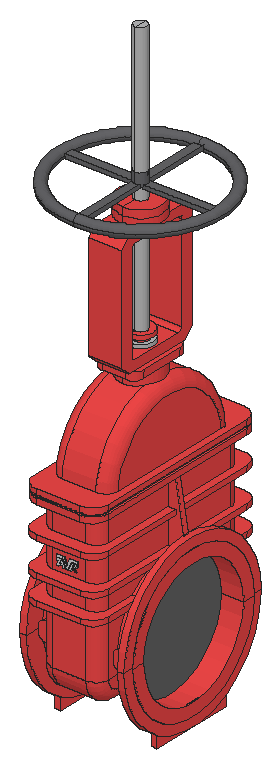
Revit family "55-26-004 DN450-600", category Pipe Accessories, Revit 2022
Family settings
  Round Connector Dimension = Use Diameter
  Part Type = Valve - Breaks Into
  Work Plane-Based = No
  Always vertical = Yes
  Cut with Voids When Loaded = No
  Shared = No
Parameters (values of type "DN600_PN16")
  yoke_T1 = Yoke_T * 2.5  # 100 mm
  yoke3 = Yoke2 * 0.8  # 168 mm
  yoke1 = Yoke * 1.5  # 150 mm
  stem3 = stem1 * 2.5  # 62.5 mm
  stem2 = stem1 * 1.5  # 37.5 mm
  stem1 = F2 * 0.5  # 25 mm
  logo_H = Body_H * 0.5  # 335 mm
  Yoke_T = size_lookup(Search_table, "Yoke_T", 0 mm, DN)  # 40 mm
  Yoke_R = Yoke_T / 2  # 20 mm
  Yoke2 = yoke1 * 1.4  # 210 mm
  Yoke = size_lookup(Search_table, "Yoke", 0 mm, DN) / 2  # 100 mm
  T = FL_T * 0.9  # 32.4 mm
  Stem4 = F2 * 0.5  # 25 mm
  Hub_dim1 = Actuator_FL_D * 1.5  # 157.5 mm
  Handwheel_dia = FL_T * 0.7  # 25.2 mm
  Handwheel_H = H * 0.97  # 1839.12 mm
  H1 = H * 0.9  # 1706.4 mm
  H open = size_lookup(Search_table, "H open", 0 mm, DN)  # 2926 mm
  H closed = size_lookup(Search_table, "H closed", 0 mm, DN)  # 2303 mm
  F2_Height = F2 * 2.3  # 115 mm
  DN600_PN16 = "55-600-26-01620001"
  D11 = D1 * 1.1  # 33 mm
  D1 = size_lookup(Search_table, "D1", 0 mm, DN) / 2  # 30 mm
  D = size_lookup(Search_table, "D", 0 mm, DN) / 2  # 400 mm
  Bonnet_H1 = size_lookup(Search_table, "Bonnet_H1", 0 mm, DN)  # 450 mm
  Body_rib_W = OD + 2 mm  # 410 mm
  Body_H1 = OD * 0.2  # 81.6 mm
  Actuator_dim = Actuator_FL_D * 0.6  # 63 mm
  Actuator_T = FL_T * 2.2  # 79.2 mm
  Actuator_FL_D = size_lookup(Search_table, "Actuator_FL_D", 0 mm, DN) / 2  # 105 mm
  Wedge_L = Body_W * 0.85  # 119 mm
  W = size_lookup(Search_table, "W", 0 mm, DN) / 2  # 488.5 mm
  URL_product_pages = "https://www.avkvalves.com/P.aspx?no=554502601620001"
  Sweep _cut = Body_FL_T / 6  # 5.833 mm
  Stem = F2 / 2.5  # 20 mm
  Search_table = "55-26-004 DN450-600"
  Rib_T = FL_T - Raised_dis  # 31 mm
  Rib5_W = size_lookup(Search_table, "Rib5_W", 0 mm, DN)  # 400 mm
  Rib5_L = size_lookup(Search_table, "Rib5_L", 0 mm, DN)  # 300 mm
  Rib5_H = size_lookup(Search_table, "Rib5_H", 0 mm, DN)  # 320 mm
  Rib4_W = size_lookup(Search_table, "Rib4_W", 0 mm, DN)  # 360 mm
  Rib4_L = size_lookup(Search_table, "Rib4_L", 0 mm, DN)  # 720 mm
  Rib4_H = size_lookup(Search_table, "Rib4_H", 0 mm, DN)  # 35 mm
  Rib3_W = size_lookup(Search_table, "Rib3_W", 0 mm, DN)  # 360 mm
  Rib3_L = size_lookup(Search_table, "Rib3_L", 0 mm, DN)  # 720 mm
  Rib3_H = size_lookup(Search_table, "Rib3_H", 0 mm, DN)  # 210 mm
  Rib2_W = size_lookup(Search_table, "Rib2_W", 0 mm, DN)  # 360 mm
  Rib2_L = size_lookup(Search_table, "Rib2_L", 0 mm, DN)  # 720 mm
  Rib2_H = size_lookup(Search_table, "Rib2_H", 0 mm, DN)  # 330 mm
  Rib1_W = size_lookup(Search_table, "Rib1_W", 0 mm, DN)  # 360 mm
  Rib1_T = size_lookup(Search_table, "Rib1_T", 0 mm, DN) / 2  # 12.5 mm
  Rib1_R = size_lookup(Search_table, "Rib1_R", 0 mm, DN)  # 75 mm
  Rib1_L = size_lookup(Search_table, "Rib1_L", 0 mm, DN)  # 720 mm
  Rib1_H = size_lookup(Search_table, "Rib1_H", 0 mm, DN)  # 495 mm
  Raised_dis = size_lookup(Search_table, "Raised_dis", 0 mm, DN)  # 5 mm
  Raised_R = size_lookup(Search_table, "Raised_R", 0 mm, DN)  # 360 mm
  RIB_T = Raised_dis * 2  # 10 mm
  RIB_L1 = W * 0.65  # 317.525 mm
  RIB_L = W - 1 mm  # 487.5 mm
  OD = size_lookup(Search_table, "OD", 0 mm, DN)  # 408 mm
  L = size_lookup(Search_table, "L", 0 mm, DN)  # 508 mm
  Height1 = H * 0.55  # 1042.8 mm
  H3 = size_lookup(Search_table, "H3", 0 mm, DN)  # 1736 mm
  H = size_lookup(Search_table, "H", 0 mm, DN)  # 1896 mm
  FL_T = size_lookup(Search_table, "FL_T", 0 mm, DN)  # 36 mm
  FL_R = size_lookup(Search_table, "FL_R", 0 mm, DN)  # 430 mm
  F2 = size_lookup(Search_table, "F2", 0 mm, DN)  # 50 mm
  F1 = size_lookup(Search_table, "F1", 0 mm, DN) / 2  # 18.5 mm
  F = size_lookup(Search_table, "F", 0 mm, DN) / 2  # 16 mm
  Ds = size_lookup(Search_table, "Ds", 0 mm, DN)  # 35 mm
  Dh = size_lookup(Search_table, "Dh", 0 mm, DN)  # 700 mm
  Description_ = "AVK GATE VALVE, FLANGED, UL/FM, ANSI CLASS 150, OS&Y, PN16"
  Default Elevation = 0 mm
  DN500_PN16 = "55-500-26-01620001"
  DN450_PN16 = "55-450-26-01620001"
  DN = 600 mm
  Bypass_W = size_lookup(Search_table, "Bypass_W", 0 mm, DN)  # 179 mm
  Bypass_R = size_lookup(Search_table, "Bypass_R", 0 mm, DN)  # 45 mm
  Bypass_L = Body_L * 0.8  # 338.8 mm
  Bore_R = size_lookup(Search_table, "Bore_R", 0 mm, DN)  # 300 mm
  Bonnet_dim3 = F1 * 2.5  # 46.25 mm
  Bonnet_dim2 = Body_FL_W * 0.7  # 124.74 mm
  Bonnet_dim1 = F1 * 4.2  # 77.7 mm
  Bonnet_d2 = size_lookup(Search_table, "Bonnet_d2", 0 mm, DN) / 2  # 75 mm
  Bonnet_d1 = size_lookup(Search_table, "Bonnet_d1", 0 mm, DN) / 2  # 107.5 mm
  Bonnet_L = size_lookup(Search_table, "Bonnet_L", 0 mm, DN)  # 370 mm
  Body_rib_L = OD * 0.5  # 204 mm
  Body_bottom = Body_L - 30 mm  # 393.5 mm
  Body_W = size_lookup(Search_table, "Body_W", 0 mm, DN)  # 140 mm
  Body_T = size_lookup(Search_table, "Body_T", 0 mm, DN)  # 17 mm
  Body_R = size_lookup(Search_table, "Body_R", 0 mm, DN)  # 60 mm
  Body_L = size_lookup(Search_table, "Body_L", 0 mm, DN)  # 423.5 mm
  Body_H = size_lookup(Search_table, "Body_H", 0 mm, DN)  # 670 mm
  Body_FL_rib_dim1 = (L / 2) - FL_T  # 218 mm
  Body_FL_rib_dim = H - 30 mm  # 1866 mm
  Body_FL_arc = size_lookup(Search_table, "Body_FL_arc", 0 mm, DN)  # 1400 mm
  Body_FL_W = (Rib1_W * 0.99) / 2  # 178.2 mm
  Body_FL_T = size_lookup(Search_table, "Body_FL_T", 0 mm, DN) / 2  # 35 mm
  Body_FL_R = size_lookup(Search_table, "Body_FL_R", 0 mm, DN)  # 65 mm
  Body_FL_L = W * 0.9  # 439.65 mm
  Body_Arc = size_lookup(Search_table, "Body_Arc", 0 mm, DN)  # 1222 mm
  5 = 5 mm  # constant formula
  50 = 50 mm  # constant formula
  20 = 10 mm  # constant formula
  10 = 20 mm  # constant formula
  1 = 1 mm  # constant formula
Types (4, lengths in mm): name | yoke_T1 | yoke3 | yoke1 | logo_H | Yoke_T | Yoke_R | Yoke2 | Yoke | T | Handwheel_dia | Handwheel_H | H1 | H open | H closed | Body_rib_W | Body_H1 | Actuator_T | Wedge_L | W | Sweep _cut | Rib_T | Rib5_W | Rib5_L | Rib5_H | Rib4_W | Rib4_L | Rib4_H | Rib3_W | Rib3_L | Rib3_H | Rib2_W | Rib2_L | Rib2_H | Rib1_W | Rib1_T | Rib1_L | Rib1_H | Raised_dis | Raised_R | RIB_T | RIB_L1 | RIB_L | OD | L | Height1 | H3 | H | FL_T | FL_R | F | Ds | Dh | DN | Bypass_W | Bypass_R | Bypass_L | Bore_R | Bonnet_dim2 | Bonnet_d2 | Bonnet_d1 | Bonnet_L | Body_rib_L | Body_bottom | Body_W | Body_T | Body_R | Body_L | Body_H | Body_FL_rib_dim1 | Body_FL_rib_dim | Body_FL_arc | Body_FL_W | Body_FL_T | Body_FL_R | Body_FL_L | Body_Arc
  (no name) | 100 | 168 | 150 | 335 | 40 | 20 | 210 | 100 | 32.4 | 25.2 | 1839.12 | 1706.4 | 2926 | 2303 | 410 | 81.6 | 79.2 | 119 | 488.5 | 5.833 | 31 | 400 | 300 | 320 | 360 | 720 | 35 | 360 | 720 | 210 | 360 | 720 | 330 | 360 | 12.5 | 720 | 495 | 5 | 360 | 10 | 317.525 | 487.5 | 408 | 508 | 1042.8 | 1736 | 1896 | 36 | 430 | 16 | 35 | 700 | 600 | 179 | 45 | 338.8 | 300 | 124.74 | 75 | 107.5 | 370 | 204 | 393.5 | 140 | 17 | 60 | 423.5 | 670 | 218 | 1866 | 1400 | 178.2 | 35 | 65 | 439.65 | 1222
  DN450_PN16 | 75 | 151.2 | 135 | 274 | 30 | 15 | 189 | 90 | 27 | 21 | 1685.86 | 1564.2 | 2535 | 2056 | 320 | 63.6 | 66 | 103.275 | 418.5 | 5 | 26 | 160 | 160 | 260 | 340 | 590 | 25 | 340 | 590 | 180 | 340 | 590 | 300 | 340 | 11 | 590 | 430 | 4 | 260 | 8 | 272.025 | 417.5 | 318 | 432 | 955.9 | 1488 | 1738 | 30 | 320 | 16 | 31 | 585 | 450 | 135 | 30 | 294.8 | 225 | 117.81 | 60 | 90 | 335 | 159 | 338.5 | 121.5 | 15 | 50 | 368.5 | 548 | 186 | 1708 | 1300 | 168.3 | 30 | 55 | 376.65 | 1200
  DN500_PN16 | 87.5 | 159.6 | 142.5 | 288 | 35 | 17.5 | 199.5 | 95 | 28.35 | 22.05 | 1711.08 | 1587.6 | 2646 | 2114 | 352 | 70 | 69.3 | 104.975 | 422.5 | 5.417 | 27.5 | 170 | 170 | 290 | 330 | 620 | 30 | 370 | 620 | 190 | 330 | 620 | 315 | 330 | 11 | 620 | 470 | 4 | 290 | 8 | 274.625 | 421.5 | 350 | 457 | 970.2 | 1546 | 1764 | 31.5 | 353 | 17.5 | 34 | 650 | 500 | 145 | 45 | 298 | 250 | 114.345 | 60 | 87.5 | 338 | 175 | 342.5 | 123.5 | 16 | 50 | 372.5 | 576 | 197 | 1734 | 1350 | 163.35 | 32.5 | 60 | 380.25 | 1200
  DN600_PN16 | 100 | 168 | 150 | 335 | 40 | 20 | 210 | 100 | 32.4 | 25.2 | 1839.12 | 1706.4 | 2926 | 2303 | 410 | 81.6 | 79.2 | 119 | 488.5 | 5.833 | 31 | 400 | 300 | 320 | 360 | 720 | 35 | 360 | 720 | 210 | 360 | 720 | 330 | 360 | 12.5 | 720 | 495 | 5 | 360 | 10 | 317.525 | 487.5 | 408 | 508 | 1042.8 | 1736 | 1896 | 36 | 430 | 16 | 35 | 700 | 600 | 179 | 45 | 338.8 | 300 | 124.74 | 75 | 107.5 | 370 | 204 | 393.5 | 140 | 17 | 60 | 423.5 | 670 | 218 | 1866 | 1400 | 178.2 | 35 | 65 | 439.65 | 1222
Reference planes
  plane 1 "Center (Front/Back)": y = 0
  plane 2: z = 0
  plane 3 "Center (Left/Right)": x = 0
  plane 4: y = 423.5
  plane 5: y = -423.5
  plane 6: x = -140
  plane 7: x = 140
  plane 8: x = -80
  plane 9: x = 80
  plane 10: y = 363.5
  plane 11: y = -363.5
  plane 12: z = 670
  plane 13: z = 635
  plane 14: x = -218
  plane 15: x = 218
  plane 16: z = 495
  plane 17 "RIB_W": y = -360
  plane 18 "RIB_L": x = -180
  plane 19 "RIB_M": x = 180
  plane 20 "RIB_N": y = 360
  plane 21: z = 330
  plane 22: z = 210
  plane 23: z = 320
  plane 24: x = -254
  plane 25: x = 254
  plane 26: x = 60
  plane 27: y = 439.65
  plane 28: y = -439.65
  plane 29: y = 18.5
  plane 30: y = -18.5
  plane 31: x = -16
  plane 32: x = 16
  plane 33: x = -18.5
  plane 34: x = 18.5
  plane 35: y = -15
  plane 36: y = 15
  plane 37: y = 105
  plane 38: y = -105
  plane 39: z = 1042.8
  plane 40: z = 1157.8
  plane 41: x = -105
  plane 42: x = -25
  plane 43: x = 105
  plane 44: x = 25
  plane 45: y = 488.5
  plane 46: y = -488.5
  plane 47: z = -410
  plane 48: z = 2516
  plane 49: z = 1078.8
  plane 50: z = 1821.8
  plane 51: z = 1706.4
  plane 52: x = -400
  plane 53: y = 400
  plane 54: x = 400
  plane 55: y = -400
  plane 56: z = 1905
  plane 57: z = 1839.12
  plane 58: z = 1742.4
  plane 59: x = -400
  plane 60: x = 400
  plane 61: y = 30
  plane 62: y = -30
  plane 63: x = -30
  plane 64: x = 30
  plane 65: z = 1896
  plane 66: z = -81.6
  plane 67: y = 300
  plane 68: y = 210
  plane 69: y = -210
  plane 70: z = 1120
  plane 71: z = 1177.8
  plane 72: z = 1197.8
Forms (mm)
  Revolve 1, solid, material "Laminate, Blue, Matte"
    sketch origin (0, 0, 0) x (1, 0, 0) y (0, 1, 0)
      loop
        line (-254, 300) -> (254, 300) -> (254, 360) -> (249, 360) -> (249, 408) -> (218, 408) -> (218, 317) -> (-218, 317) -> (-218, 408) -> (-249, 408) -> (-249, 360) -> (-254, 360) -> (-254, 300)
      axis (254, 0) -> (-254, 0)
    angle from 0 to 360
  Extrusion 2, solid, material "Laminate, Blue, Matte"
    sketch origin (0, 0, 0) x (1, 0, 0) y (0, 1, 0)
      loop
        line (-140, 363.5) -> (-140, -363.5)
        arc (-140, -363.5) -> (-122.426, -405.926) -> (-80, -423.5) r 60
        line (-80, -423.5) -> (80, -423.5)
        arc (80, -423.5) -> (122.426, -405.926) -> (140, -363.5) r 60
        line (140, -363.5) -> (140, 363.5)
        arc (140, 363.5) -> (122.426, 405.926) -> (80, 423.5) r 60
        line (80, 423.5) -> (-80, 423.5)
        arc (-80, 423.5) -> (-122.426, 405.926) -> (-140, 363.5) r 60
    from -81.6 to 670
  Extrusion 3, solid, material "Laminate, Blue, Matte"
    sketch origin (0, 1854.182, 495) x (0, 1, 0) y (-1, 0, 0)
      loop
        arc (-1365.682, 105) -> (-1387.649, 158.033) -> (-1440.682, 180) r 75
        line (-1440.682, 180) -> (-2267.682, 180)
        arc (-2267.682, 180) -> (-2320.715, 158.033) -> (-2342.682, 105) r 75
        line (-2342.682, 105) -> (-2342.682, -105)
        arc (-2342.682, -105) -> (-2320.715, -158.033) -> (-2267.682, -180) r 75
        line (-2267.682, -180) -> (-1440.682, -180)
        arc (-1440.682, -180) -> (-1387.649, -158.033) -> (-1365.682, -105) r 75
        line (-1365.682, -105) -> (-1365.682, 105)
    from 12.5 to -12.5
  Extrusion 4, solid, material "Laminate, Blue, Matte"
    sketch origin (0, 1323.169, 670) x (0, 1, 0) y (-1, 0, 0)
      loop
        arc (-834.669, 105) -> (-856.636, 158.033) -> (-909.669, 180) r 75
        line (-909.669, 180) -> (-1736.669, 180)
        arc (-1736.669, 180) -> (-1789.702, 158.033) -> (-1811.669, 105) r 75
        line (-1811.669, 105) -> (-1811.669, -105)
        arc (-1811.669, -105) -> (-1789.702, -158.033) -> (-1736.669, -180) r 75
        line (-1736.669, -180) -> (-909.669, -180)
        arc (-909.669, -180) -> (-856.636, -158.033) -> (-834.669, -105) r 75
        line (-834.669, -105) -> (-834.669, 105)
    from -352.5 to -327.5
  Extrusion 5, solid, material "Laminate, Blue, Matte"
    sketch origin (0, 1323.169, 670) x (0, 1, 0) y (-1, 0, 0)
      loop
        arc (-834.669, 105) -> (-856.636, 158.033) -> (-909.669, 180) r 75
        line (-909.669, 180) -> (-1736.669, 180)
        arc (-1736.669, 180) -> (-1789.702, 158.033) -> (-1811.669, 105) r 75
        line (-1811.669, 105) -> (-1811.669, -105)
        arc (-1811.669, -105) -> (-1789.702, -158.033) -> (-1736.669, -180) r 75
        line (-1736.669, -180) -> (-909.669, -180)
        arc (-909.669, -180) -> (-856.636, -158.033) -> (-834.669, -105) r 75
        line (-834.669, -105) -> (-834.669, 105)
    from -447.5 to -472.5
  Extrusion 6, solid, material "Laminate, Blue, Matte"
    sketch origin (0, 0, 0) x (0, 1, 0) y (0, 0, 1)
      loop
        line (204, -410) -> (204, -300) -> (-204, -300) -> (-204, -410) -> (204, -410)
    from 219 to 244
  Extrusion 7, solid, material "Laminate, Blue, Matte"
    sketch origin (0, 0, 0) x (0, 1, 0) y (0, 0, -1)
      loop
        line (204, 410) -> (-204, 410) -> (-204, 300) -> (204, 300) -> (204, 410)
    from 219 to 244
  Revolve 8, solid, material "Laminate, Blue, Matte"
    sketch origin (0, 1323.169, 670) x (0, 1, 0) y (-1, 0, 0)
      loop
        arc (-953.169, 80) -> (-970.743, 122.426) -> (-1013.169, 140) r 60
        line (-1013.169, 140) -> (-1323.169, 140) -> (-1323.169, -140) -> (-1013.169, -140)
        arc (-1013.169, -140) -> (-970.743, -122.426) -> (-953.169, -80) r 60
        line (-953.169, -80) -> (-953.169, 80)
      axis (-1323.169, -140) -> (-1323.169, 140)
    angle from -180 to 0
  Extrusion 9, void
    sketch origin (0, 0, 0) x (0, -1, 0) y (0, 0, 1)
      loop
        circle (0, 0) r 300
    from -180 to 180
  Extrusion 10, solid, material "Default Roof"
    sketch origin (0, 0, 0) x (0, 1, 0) y (0, 0, 1)
      loop
        circle (0, 0) r 300
    from -145 to 145
  Extrusion 11, solid, material "Laminate, Blue, Matte"
    sketch origin (0, 1323.169, 670) x (0, 1, 0) y (-1, 0, 0)
      loop
        arc (-834.669, 103.2) -> (-856.636, 156.233) -> (-909.669, 178.2) r 75
        line (-909.669, 178.2) -> (-1736.669, 178.2)
        arc (-1736.669, 178.2) -> (-1789.702, 156.233) -> (-1811.669, 103.2) r 75
        line (-1811.669, 103.2) -> (-1811.669, -103.2)
        arc (-1811.669, -103.2) -> (-1789.702, -156.233) -> (-1736.669, -178.2) r 75
        line (-1736.669, -178.2) -> (-909.669, -178.2)
        arc (-909.669, -178.2) -> (-856.636, -156.233) -> (-834.669, -103.2) r 75
        line (-834.669, -103.2) -> (-834.669, 103.2)
    from -32.5 to 32.5
  Sweep 12, void
    path in 3D
      loop
        line (-103.2, 488.5, 702.5) -> (103.2, 488.5, 702.5)
        arc (103.2, 488.5, 702.5) -> (156.233, 466.533, 702.5) -> (178.2, 413.5, 702.5) r 75
        line (178.2, 413.5, 702.5) -> (178.2, -413.5, 702.5)
        arc (178.2, -413.5, 702.5) -> (156.233, -466.533, 702.5) -> (103.2, -488.5, 702.5) r 75
        line (103.2, -488.5, 702.5) -> (-103.2, -488.5, 702.5)
        arc (-103.2, -488.5, 702.5) -> (-156.233, -466.533, 702.5) -> (-178.2, -413.5, 702.5) r 75
        line (-178.2, -413.5, 702.5) -> (-178.2, 413.5, 702.5)
        arc (-178.2, 413.5, 702.5) -> (-156.233, 466.533, 702.5) -> (-103.2, 488.5, 702.5) r 75
    profile origin (-178.2, 413.5, 702.5) x (1, 0, 0) y (0, 0, 1)
      loop
        circle (0, -32.5) r 5
  Extrusion 13, solid, material "Laminate, Blue, Matte"
    sketch origin (0, 0, 0) x (1, 0, 0) y (0, 0, 1)
      loop
        line (-218, 300) -> (-140, 300) -> (-140, 635) -> (-178.2, 635) -> (-218, 408) -> (-218, 300)
      loop
        line (140, 300) -> (218, 300) -> (218, 408) -> (178.2, 635) -> (140, 635) -> (140, 300)
    from -12.5 to 12.5
  Extrusion 14, solid, material "Laminate, Blue, Matte"
    sketch origin (0, 0, 0) x (1, 0, 0) y (0, 0, 1)
      loop
        circle (-179, 0) r 45
      loop
        circle (179, 0) r 45
    from 300 to 338.8
  Revolve 15, solid, material "Default Wall"
    sketch origin (0, 0, 0) x (0, 1, 0) y (0, 0, 1)
      loop
        line (0, 2516) -> (0, 1157.8) -> (30, 1157.8) -> (30, 2516) -> (0, 2516)
      axis (0, 2516) -> (0, 1157.8)
    angle from 0 to 360
  Extrusion 16, solid, material "Laminate, Blue, Matte"
    sketch origin (0, 762.036, 1078.8) x (0, 1, 0) y (-1, 0, 0)
      loop
        arc (-604.536, 55) -> (-619.18, 90.355) -> (-654.536, 105) r 50
        line (-654.536, 105) -> (-869.536, 105)
        arc (-869.536, 105) -> (-904.891, 90.355) -> (-919.536, 55) r 50
        line (-919.536, 55) -> (-919.536, -55)
        arc (-919.536, -55) -> (-904.891, -90.355) -> (-869.536, -105) r 50
        line (-869.536, -105) -> (-654.536, -105)
        arc (-654.536, -105) -> (-619.18, -90.355) -> (-604.536, -55) r 50
        line (-604.536, -55) -> (-604.536, 55)
    from 41.2 to 5.2
  Revolve 17, solid, material "Aluminum 1100-O"
    sketch origin (0, 0, 0) x (0, 1, 0) y (0, 0, 1)
      loop
        line (0, 1896) -> (-33, 1896) -> (-33, 1839.12) -> (0, 1839.12) -> (0, 1896)
      axis (0, 1896) -> (0, 1839.12)
    angle from 0 to 360
  Revolve 18, solid, material "Aluminum 1100-O"
    sketch origin (0, 0, 90.326) x (0, 1, 0) y (0, 0, 1)
      loop
        circle (-374.8, 1748.794) r 25.2
      axis (0, 1748.794) -> (0, 1747.794)
    angle from 0 to 360
  Extrusion 19, solid, material "Laminate, Blue, Matte"
    sketch origin (0, 0, 0) x (0, 1, 0) y (0, 0, 1)
      loop
        line (130, 1666.4) -> (-130, 1666.4)
        arc (-130, 1666.4) -> (-144.142, 1660.542) -> (-150, 1646.4) r 20
        line (-150, 1646.4) -> (-150, 1183.8)
        arc (-150, 1183.8) -> (-144.142, 1169.658) -> (-130, 1163.8) r 20
        line (-130, 1163.8) -> (130, 1163.8)
        arc (130, 1163.8) -> (144.142, 1169.658) -> (150, 1183.8) r 20
        line (150, 1183.8) -> (150, 1646.4)
        arc (150, 1646.4) -> (144.142, 1660.542) -> (130, 1666.4) r 20
      loop
        line (210, 1160) -> (210, 1666.4) -> (168, 1706.4) -> (-168, 1706.4) -> (-210, 1666.4) -> (-210, 1160) -> (-168, 1120) -> (168, 1120) -> (210, 1160)
    from -79.2 to 79.2
  Extrusion 20, solid, material "Aluminum 1100-O"
    sketch origin (0, 989.392, 1901) x (0, 1, 0) y (-1, 0, 0)
      loop
        line (-969.392, 364) -> (-1009.392, 364) -> (-1009.392, 20) -> (-1353.392, 20) -> (-1353.392, -20) -> (-1009.392, -20) -> (-1009.392, -364) -> (-969.392, -364) -> (-969.392, -20) -> (-625.392, -20) -> (-625.392, 20) -> (-969.392, 20) -> (-969.392, 364)
    from -71.88 to -51.88
  Revolve 21, solid, material "Laminate, Blue, Matte"
    sketch origin (0, 0, 0) x (0, 1, 0) y (0, 0, 1)
      loop
        line (-105, 1742.4) -> (-105, 1706.4) -> (0, 1706.4) -> (0, 1742.4) -> (-105, 1742.4)
      axis (0, 1742.4) -> (0, 1706.4)
    angle from 0 to 360
  Revolve 22, solid, material "Laminate, Blue, Matte"
    sketch origin (0, 0, 0) x (0, 1, 0) y (0, 0, 1)
      loop
        line (-105, 1778.4) -> (-105, 1742.4) -> (0, 1742.4) -> (0, 1778.4) -> (-105, 1778.4)
      axis (0, 1778.4) -> (0, 1742.4)
    angle from 0 to 360
  Revolve 23, solid, material "Laminate, Blue, Matte"
    sketch origin (-639.965, -1524, -81.6) x (-1, 0, 0) y (0, -1, 0)
      loop
        arc (-559.965, -1947.5) -> (-517.539, -1929.926) -> (-499.965, -1887.5) r 60
        line (-499.965, -1887.5) -> (-499.965, -1824) -> (-779.965, -1824) -> (-779.965, -1887.5)
        arc (-779.965, -1887.5) -> (-762.392, -1929.926) -> (-719.965, -1947.5) r 60
        line (-719.965, -1947.5) -> (-559.965, -1947.5)
      axis (-499.965, -1824) -> (-779.965, -1824)
    angle from 0 to 360
  Revolve 24, solid, material "Laminate, Blue, Matte"
    sketch origin (-639.965, -1524, -81.6) x (-1, 0, 0) y (0, -1, 0)
      loop
        arc (-499.965, -1160.5) -> (-517.539, -1118.074) -> (-559.965, -1100.5) r 60
        line (-559.965, -1100.5) -> (-719.965, -1100.5)
        arc (-719.965, -1100.5) -> (-762.392, -1118.074) -> (-779.965, -1160.5) r 60
        line (-779.965, -1160.5) -> (-779.965, -1224) -> (-499.965, -1224) -> (-499.965, -1160.5)
      axis (-499.965, -1224) -> (-779.965, -1224)
    angle from 0 to 360
  Revolve 25, solid, material "Laminate, Blue, Matte"
    sketch origin (0, 0, 0) x (0, 1, 0) y (0, 0, 1)
      loop
        line (0, 1084) -> (-105, 1084) -> (-105, 670) -> (0, 670) -> (0, 1084)
      axis (0, 670) -> (0, 1084)
    angle from 360 to 0
  Revolve 26, solid, material "Laminate, Blue, Matte"
    sketch origin (0, 0, 0) x (0, 1, 0) y (0, 0, 1)
      loop
        line (0, 1217.8) -> (-62.5, 1217.8) -> (-62.5, 1197.8) -> (-37.5, 1197.8) -> (-37.5, 1137.8) -> (0, 1137.8) -> (0, 1217.8)
      axis (0, 1217.8) -> (0, 1137.8)
    angle from 360 to 0
  Revolve 27, solid, material "Default Wall"
    sketch origin (0, 0, 0) x (0, 1, 0) y (0, 0, 1)
      loop
        line (-62.5, 1177.8) -> (-62.5, 1157.8) -> (0, 1157.8) -> (0, 1177.8) -> (-62.5, 1177.8)
      axis (0, 1177.8) -> (0, 1157.8)
    angle from 360 to 0
Cuts and joins
  Extrusion 9 cuts Revolve 1
  Extrusion 9 cuts Extrusion 2
  Extrusion 9 cuts Extrusion 5
  Sweep 12 cuts Extrusion 11
Lines and regions (mm)
  sketch lines
    curve 1: arc (-178.2, 413.5, 702.5) -> (-156.233, 466.533, 702.5) -> (-103.2, 488.5, 702.5) r 75
    curve 2: line (103.2, 488.5, 702.5) -> (-103.2, 488.5, 702.5)
    curve 3: arc (103.2, 488.5, 702.5) -> (156.233, 466.533, 702.5) -> (178.2, 413.5, 702.5) r 75
    curve 4: line (178.2, -413.5, 702.5) -> (178.2, 413.5, 702.5)
    curve 5: arc (178.2, -413.5, 702.5) -> (156.233, -466.533, 702.5) -> (103.2, -488.5, 702.5) r 75
    curve 6: line (-103.2, -488.5, 702.5) -> (103.2, -488.5, 702.5)
    curve 7: arc (-103.2, -488.5, 702.5) -> (-156.233, -466.533, 702.5) -> (-178.2, -413.5, 702.5) r 75
    curve 8: line (-178.2, 413.5, 702.5) -> (-178.2, -413.5, 702.5)
Dimensions and locks
  equal spacing: Revolve 1 sketch curve, plane 3 "Center (Left/Right)", Revolve 1 sketch curve  (x3)
  "Bore_R": plane 1 "Center (Front/Back)" to Revolve 1 sketch curve
  "OD": plane 1 "Center (Front/Back)" to Revolve 1 sketch curve
  "Raised_R": plane 1 "Center (Front/Back)" to Revolve 1 sketch curve
  "Raised_dis": Revolve 1 sketch curve to Revolve 1 sketch curve
  "FL_T": Revolve 1 sketch curve to Revolve 1 sketch curve
  "L": Revolve 1 sketch curve to Revolve 1 sketch curve
  "Body_T": Revolve 1 sketch curve to Revolve 1 sketch curve
  equal spacing: plane 4, plane 1 "Center (Front/Back)", plane 5
  "Body_L": plane 4 to plane 1 "Center (Front/Back)"
  "Body_W": plane 6 to plane 3 "Center (Left/Right)"
  equal spacing: plane 8, plane 3 "Center (Left/Right)", plane 9
  equal spacing: plane 10, plane 1 "Center (Front/Back)", plane 11
  "Body_R": plane 6 to plane 8
  "Body_R": plane 4 to plane 10
  "Body_H": plane 12 to plane 2
  equal spacing: plane 6, plane 3 "Center (Left/Right)", plane 7
  "Body_FL_T": plane 12 to plane 13
  equal spacing: plane 15, plane 3 "Center (Left/Right)", plane 14
  "Body_FL_rib_dim1": plane 3 "Center (Left/Right)" to plane 14
  "Rib1_H": plane 16 to plane 2
  equal spacing: plane 18 "RIB_L", plane 3 "Center (Left/Right)", plane 19 "RIB_M"
  equal spacing: plane 17 "RIB_W", plane 1 "Center (Front/Back)", plane 20 "RIB_N"
  "Rib1_L": plane 17 "RIB_W" to plane 20 "RIB_N"
  "Rib1_W": plane 18 "RIB_L" to plane 19 "RIB_M"
  "Rib1_T": Extrusion 3 to plane 16
  "Rib1_T": plane 16 to Extrusion 3
  "Rib3_H": plane 22 to level
  "Rib2_H": plane 21 to level
  equal spacing: Extrusion 3 sketch curve, plane 3 "Center (Left/Right)", Extrusion 3 sketch curve
  equal spacing: Extrusion 3 sketch curve, plane 1 "Center (Front/Back)", Extrusion 3 sketch curve
  "Rib1_W": Extrusion 3 sketch curve to Extrusion 3 sketch curve
  equal spacing: Extrusion 4 sketch curve, plane 3 "Center (Left/Right)", Extrusion 4 sketch curve
  equal spacing: Extrusion 4 sketch curve, plane 1 "Center (Front/Back)", Extrusion 4 sketch curve
  "Rib1_W": Extrusion 4 sketch curve to Extrusion 4 sketch curve
  "Rib1_T": Extrusion 4 to plane 21
  "Rib1_T": plane 21 to Extrusion 4
  equal spacing: Extrusion 5 sketch curve, plane 3 "Center (Left/Right)", Extrusion 5 sketch curve
  equal spacing: Extrusion 5 sketch curve, plane 1 "Center (Front/Back)", Extrusion 5 sketch curve
  "Rib1_W": Extrusion 5 sketch curve to Extrusion 5 sketch curve
  "Rib1_T": Extrusion 5 to plane 22
  "Rib1_T": plane 22 to Extrusion 5
  "Rib5_H": plane 23 to level
  equal spacing: plane 25, plane 3 "Center (Left/Right)", plane 24
  "L": plane 25 to plane 24
  plane 26 to plane 3 "Center (Left/Right)" = 60 mm
  plane 3 "Center (Left/Right)" to plane 6 = 140 mm
  equal spacing: plane 27, plane 1 "Center (Front/Back)", plane 28
  "Body_FL_L": plane 27 to plane 1 "Center (Front/Back)"
  plane 27 to plane 28 = 879.3 mm
  equal spacing: Extrusion 6 sketch curve, plane 1 "Center (Front/Back)", Extrusion 6 sketch curve
  "Body_rib_L": Extrusion 6 sketch curve to plane 1 "Center (Front/Back)"
  "RIB_T": Extrusion 6 to plane 25
  "RIB_T": Extrusion 7 to plane 24
  equal spacing: Extrusion 7 sketch curve, plane 1 "Center (Front/Back)", Extrusion 7 sketch curve
  "Body_rib_L": Extrusion 7 sketch curve to plane 1 "Center (Front/Back)"
  "Bore_R": level to Extrusion 7 sketch curve
  "Bore_R": level to Extrusion 6 sketch curve
  equal spacing: Extrusion 6, plane 3 "Center (Left/Right)", Extrusion 7
  "1": plane 14 to Extrusion 7
  equal spacing: plane 29, plane 1 "Center (Front/Back)", plane 30
  "F1": plane 29 to plane 1 "Center (Front/Back)"
  equal spacing: Revolve 8 sketch curve, plane 3 "Center (Left/Right)", Revolve 8 sketch curve
  "Body_W": Revolve 8 sketch curve to plane 3 "Center (Left/Right)"
  "Bonnet_L": plane 1 "Center (Front/Back)" to Revolve 8 sketch curve
  equal spacing: plane 32, plane 3 "Center (Left/Right)", plane 31
  "F": plane 3 "Center (Left/Right)" to plane 31
  plane 31 to plane 32 = 32 mm
  equal spacing: Extrusion 9 sketch curve, level, Extrusion 9 sketch curve
  equal spacing: Extrusion 9 sketch curve, plane 1 "Center (Front/Back)", Extrusion 9 sketch curve
  equal spacing: Extrusion 10 sketch curve, level, Extrusion 10 sketch curve
  equal spacing: Extrusion 10 sketch curve, plane 1 "Center (Front/Back)", Extrusion 10 sketch curve
  Extrusion 10 to plane 3 "Center (Left/Right)" to Extrusion 10 = 145 mm, 145 mm
  plane 32 to plane 31 = 32 mm
  equal spacing: plane 34, plane 3 "Center (Left/Right)", plane 33
  "F1": plane 3 "Center (Left/Right)" to plane 33
  plane 34 to plane 33 = 37 mm
  "W": plane 1 "Center (Front/Back)" to Extrusion 3 sketch curve
  "W": plane 1 "Center (Front/Back)" to Extrusion 4 sketch curve
  "W": plane 1 "Center (Front/Back)" to Extrusion 5 sketch curve
  equal spacing: Extrusion 11 sketch curve, plane 3 "Center (Left/Right)", Extrusion 11 sketch curve
  equal spacing: Extrusion 11 sketch curve, plane 1 "Center (Front/Back)", Extrusion 11 sketch curve
  "W": plane 1 "Center (Front/Back)" to Extrusion 11 sketch curve
  "Body_FL_W": Extrusion 11 sketch curve to plane 3 "Center (Left/Right)"
  Extrusion 11 to plane 12 to Extrusion 11 = 32.5 mm, 32.5 mm
  Extrusion 11 to plane 12 = 32.5 mm
  equal spacing: Sweep 12 sketch curve, plane 12, Sweep 12 sketch curve
  "Body_FL_W": plane 3 "Center (Left/Right)" to Sweep 12 sketch curve
  equal spacing: Extrusion 13 sketch curve, plane 3 "Center (Left/Right)", Extrusion 13 sketch curve  (x3)
  "Body_FL_W": plane 3 "Center (Left/Right)" to Extrusion 13 sketch curve
  "Bore_R": Extrusion 13 sketch curve to level  (x2)
  "OD": Extrusion 13 sketch curve to level  (x2)
  equal spacing: Extrusion 13, plane 1 "Center (Front/Back)", Extrusion 13
  "Rib1_T": Extrusion 13 to plane 1 "Center (Front/Back)"
  equal spacing: Extrusion 14 sketch curve, plane 3 "Center (Left/Right)", Extrusion 14 sketch curve
  equal spacing: Extrusion 14 sketch curve, level, Extrusion 14 sketch curve  (x2)
  "Bypass_W": plane 3 "Center (Left/Right)" to Extrusion 14 sketch curve
  "Bore_R": Extrusion 14 to plane 1 "Center (Front/Back)"
  "Bypass_L": Extrusion 14 to plane 1 "Center (Front/Back)"
  equal spacing: plane 35, plane 1 "Center (Front/Back)", plane 36
  equal spacing: plane 37, plane 1 "Center (Front/Back)", plane 38
  "Actuator_FL_D": plane 1 "Center (Front/Back)" to plane 38
  plane 37 to plane 38 = 210 mm
  "Height1": plane 39 to level
  equal spacing: plane 44, plane 3 "Center (Left/Right)", plane 42
  equal spacing: plane 43, plane 3 "Center (Left/Right)", plane 41
  "Actuator_FL_D": plane 3 "Center (Left/Right)" to plane 41
  "F2": plane 44 to plane 42
  plane 43 to plane 41 = 210 mm
  equal spacing: plane 45, plane 1 "Center (Front/Back)", plane 46
  plane 45 to plane 46 = 977 mm
  "W": plane 45 to plane 1 "Center (Front/Back)"
  "Body_rib_W": level to plane 47
  "F2_Height": plane 40 to plane 39
  "H open": plane 48 to plane 47
  "FL_T": plane 49 to plane 39
  equal spacing: Extrusion 16 sketch curve, plane 3 "Center (Left/Right)", Extrusion 16 sketch curve
  equal spacing: Extrusion 16 sketch curve, plane 1 "Center (Front/Back)", Extrusion 16 sketch curve
  "Hub_dim1": plane 1 "Center (Front/Back)" to Extrusion 16 sketch curve
  "Actuator_FL_D": Extrusion 16 sketch curve to plane 3 "Center (Left/Right)"
  "D11": plane 1 "Center (Front/Back)" to Revolve 17 sketch curve
  "D": plane 1 "Center (Front/Back)" to Revolve 18 sketch curve
  "H1": plane 51 to level
  equal spacing: Extrusion 19, plane 3 "Center (Left/Right)", Extrusion 19
  "Actuator_T": Extrusion 19 to plane 3 "Center (Left/Right)"
  equal spacing: Extrusion 20 sketch curve, plane 3 "Center (Left/Right)", Extrusion 20 sketch curve  (x2)
  equal spacing: Extrusion 20 sketch curve, plane 1 "Center (Front/Back)", Extrusion 20 sketch curve  (x3)
  plane 1 "Center (Front/Back)" to Extrusion 20 sketch curve = 20 mm
  "10": plane 1 "Center (Front/Back)" to Extrusion 20 sketch curve
  "10": plane 3 "Center (Left/Right)" to Extrusion 20 sketch curve
  plane 3 "Center (Left/Right)" to Extrusion 20 sketch curve = 20 mm
  equal spacing: Extrusion 20, plane 3 "Center (Left/Right)", Extrusion 20
  Extrusion 20 sketch curve to plane 3 "Center (Left/Right)" = 364 mm
  plane 1 "Center (Front/Back)" to Extrusion 20 sketch curve = 364 mm
  equal spacing: plane 52, plane 3 "Center (Left/Right)", plane 54
  equal spacing: plane 55, plane 1 "Center (Front/Back)", plane 53
  "D": plane 52 to plane 3 "Center (Left/Right)"
  "D": plane 55 to plane 1 "Center (Front/Back)"
  "FL_T": plane 52 to Extrusion 20 sketch curve
  "10": Extrusion 20 sketch curve to plane 3 "Center (Left/Right)"
  "FL_T": plane 53 to Extrusion 20 sketch curve
  "FL_T": Revolve 21 sketch curve to plane 51
  "Actuator_FL_D": plane 1 "Center (Front/Back)" to Revolve 21 sketch curve
  "20": plane 57 to Extrusion 20
  "FL_T": Revolve 22 to plane 51
  "FL_T": Revolve 22 sketch curve to plane 51
  "Actuator_FL_D": plane 1 "Center (Front/Back)" to Revolve 22 sketch curve
  "FL_T": plane 58 to plane 51
  "FL_T": Revolve 22 to plane 58
  equal spacing: plane 60, plane 3 "Center (Left/Right)", plane 59
  "D": plane 3 "Center (Left/Right)" to plane 59
  plane 60 to plane 59 = 800 mm
  equal spacing: plane 61, plane 1 "Center (Front/Back)", plane 62
  "D1": plane 61 to plane 1 "Center (Front/Back)"
  plane 61 to plane 62 = 60 mm
  equal spacing: plane 64, plane 3 "Center (Left/Right)", plane 63
  plane 64 to plane 63 = 60 mm
  "D1": plane 3 "Center (Left/Right)" to plane 63
  plane 48 to plane 47 = 2926 mm
  "H": Revolve 17 sketch curve to plane 2
  "H": plane 65 to level
  plane 65 to level = 1896 mm
  "Handwheel_H": Revolve 18 sketch curve to plane 2
  "Handwheel_H": plane 57 to level
  "20": Extrusion 20 to plane 57
  "Body_H1": level to plane 66
  "Bore_R": plane 1 "Center (Front/Back)" to plane 67
  "5": plane 6 to Extrusion 10
  equal spacing: Extrusion 10, plane 3 "Center (Left/Right)", Extrusion 10
  "Bore_R": Revolve 24 sketch curve to plane 1 "Center (Front/Back)"  (x2)
  "Yoke2": plane 68 to plane 1 "Center (Front/Back)"
  "Yoke_T": plane 51 to Extrusion 19 sketch curve  (x3)
  equal spacing: Extrusion 19 sketch curve, plane 1 "Center (Front/Back)", Extrusion 19 sketch curve  (x5)
  "Yoke2": Extrusion 19 sketch curve to plane 1 "Center (Front/Back)"  (x2)
  "yoke3": Extrusion 19 sketch curve to plane 1 "Center (Front/Back)"  (x2)
  "Actuator_FL_D": plane 1 "Center (Front/Back)" to Revolve 25 sketch curve
  "Bonnet_H1": plane 70 to plane 12
  "yoke1": Extrusion 19 sketch curve to plane 1 "Center (Front/Back)"
  "Yoke_T": Extrusion 19 sketch curve to plane 70  (x2)
  "FL_T": plane 70 to Extrusion 16
  "FL_T": plane 70 to Revolve 25 sketch curve
  "10": plane 40 to Revolve 26
  "10": plane 71 to plane 40
  "10": Revolve 26 sketch curve to plane 71
  "stem3": plane 1 "Center (Front/Back)" to Revolve 27 sketch curve
  "stem2": plane 1 "Center (Front/Back)" to Revolve 26 sketch curve
  "stem3": plane 1 "Center (Front/Back)" to Revolve 26 sketch curve
  "10": plane 72 to plane 71
  "10": Revolve 26 sketch curve to plane 72
  "D1": Revolve 15 sketch curve to plane 1 "Center (Front/Back)"
  "Rib1_R": radius of Extrusion 3 sketch curve  (x4)
  "Rib1_R": radius of Extrusion 4 sketch curve  (x4)
  "Rib1_R": radius of Extrusion 5 sketch curve  (x4)
  "Body_R": radius of Revolve 8 sketch curve  (x2)
  "Bore_R": radius of Extrusion 9 sketch curve
  "Bore_R": radius of Extrusion 10 sketch curve
  "Rib1_R": radius of Extrusion 11 sketch curve  (x4)
  "5": radius of Sweep 12 sketch curve
  "Bypass_R": radius of Extrusion 14 sketch curve  (x2)
  "50": radius of Extrusion 16 sketch curve  (x4)
  "Handwheel_dia": radius of Revolve 18 sketch curve
  "Yoke_R": radius of Extrusion 19 sketch curve  (x4)
  aligned and locked: level to plane 2
  aligned and locked: plane 1 "Center (Front/Back)" to Revolve 1 sketch curve
  aligned and locked: Revolve 1 sketch curve to Revolve 1 sketch curve  (x2)
  aligned and locked: plane 6 to Extrusion 2 sketch curve
  aligned and locked: plane 10 to Extrusion 2 sketch curve
  aligned and locked: plane 8 to Extrusion 2 sketch curve
  aligned and locked: plane 4 to Extrusion 2 sketch curve
  aligned and locked: Extrusion 2 sketch curve to plane 10
  aligned and locked: Extrusion 2 sketch curve to plane 4
  aligned and locked: plane 9 to Extrusion 2 sketch curve
  aligned and locked: Extrusion 2 sketch curve to plane 7
  aligned and locked: plane 11 to Extrusion 2 sketch curve  (x2)
  aligned and locked: Extrusion 2 sketch curve to plane 6
  aligned and locked: Extrusion 2 sketch curve to plane 8
  aligned and locked: plane 7 to Extrusion 2 sketch curve
  aligned and locked: plane 5 to Extrusion 2 sketch curve
  aligned and locked: Extrusion 2 sketch curve to plane 9
  aligned and locked: Extrusion 2 sketch curve to plane 5
  aligned and locked: plane 12 to Extrusion 2
  aligned and locked: Revolve 8 sketch curve to plane 1 "Center (Front/Back)"
  aligned and locked: plane 1 "Center (Front/Back)" to Revolve 8 sketch curve
  aligned and locked: plane 12 to Revolve 8
  aligned and locked: Revolve 8 to plane 12
  aligned and locked: Extrusion 9 to plane 18 "RIB_L"
  aligned and locked: Extrusion 9 to plane 19 "RIB_M"
  aligned and locked: Extrusion 13 sketch curve to Extrusion 13 sketch curve
  aligned and locked: plane 6 to Extrusion 13 sketch curve
  aligned and locked: plane 13 to Extrusion 13 sketch curve
  aligned and locked: Extrusion 13 sketch curve to plane 14
  aligned and locked: plane 1 "Center (Front/Back)" to Revolve 15 sketch curve
  aligned and locked: Extrusion 6 to plane 47
  aligned and locked: Extrusion 7 to plane 47
  aligned and locked: Revolve 15 sketch curve to plane 40
  aligned and locked: plane 48 to Revolve 15
  aligned and locked: Revolve 17 sketch curve to plane 1 "Center (Front/Back)"
  aligned and locked: Revolve 18 sketch curve to plane 1 "Center (Front/Back)"
  aligned and locked: Revolve 21 sketch curve to plane 1 "Center (Front/Back)"  (x2)
  aligned and locked: Revolve 21 sketch curve to plane 51
  aligned and locked: Revolve 22 sketch curve to plane 1 "Center (Front/Back)"  (x2)
  aligned and locked: plane 1 "Center (Front/Back)" to Revolve 17 sketch curve
  aligned and locked: plane 57 to Revolve 17 sketch curve
  aligned and locked: Revolve 23 sketch curve to cut or joined group of Extrusion 2, Extrusion 9  (x2)
  aligned and locked: Revolve 23 sketch curve to plane 67  (x2)
  aligned and locked: cut or joined group of Extrusion 2, Extrusion 9 to plane 66
  aligned and locked: Revolve 24 sketch curve to cut or joined group of Extrusion 2, Extrusion 9  (x2)
  aligned and locked: Extrusion 19 sketch curve to plane 51
  aligned and locked: plane 1 "Center (Front/Back)" to Revolve 25 sketch curve
  aligned and locked: plane 12 to Revolve 25 sketch curve
  aligned and locked: Revolve 25 sketch curve to plane 1 "Center (Front/Back)"
  aligned and locked: Extrusion 19 sketch curve to plane 70
  aligned and locked: plane 70 to Extrusion 16
  aligned and locked: Revolve 26 sketch curve to plane 1 "Center (Front/Back)"  (x2)
  aligned and locked: Revolve 27 sketch curve to plane 1 "Center (Front/Back)"  (x2)
  aligned and locked: plane 71 to Revolve 27 sketch curve
  aligned and locked: Revolve 27 sketch curve to plane 40
Automatic sketch dimensions
  Revolve 1 sketch curve to plane 18 "RIB_L" = 4.74 mm
  Revolve 1 sketch curve to plane 7 = 0.277 mm
  Extrusion 6 sketch curve to plane 47 = 0 mm
  Extrusion 7 sketch curve to plane 47 = 0 mm
  Revolve 8 sketch curve to Revolve 8 sketch curve = 1.796 mm
  plane 18 "RIB_L" to Revolve 8 sketch curve = 1.796 mm
  Revolve 15 sketch curve to plane 1 "Center (Front/Back)" = 0 mm
  Revolve 15 sketch curve to plane 40 = 0 mm
  plane 48 to Revolve 15 sketch curve = 0 mm
  Revolve 15 sketch curve to plane 48 = 17.137 mm
  plane 56 to Revolve 17 sketch curve = 65.544 mm
  Revolve 17 sketch curve to Revolve 17 sketch curve = 95 mm
  Revolve 18 sketch curve to plane 57 = 10.674 mm
  Revolve 18 sketch curve to Revolve 18 sketch curve = 4.189 mm
  plane 40 to Extrusion 19 sketch curve = 6 mm
  Revolve 21 sketch curve to plane 51 = 61.671 mm
  Revolve 21 sketch curve to Revolve 21 sketch curve = 80 mm
  Revolve 22 sketch curve to plane 58 = 0 mm
  Revolve 22 sketch curve to Revolve 22 sketch curve = 36 mm
  Revolve 22 sketch curve to Revolve 22 sketch curve = 3.533 mm
  Revolve 23 sketch curve to plane 24 = 22.277 mm
  Revolve 23 sketch curve to Revolve 23 sketch curve = 35 mm
  Revolve 24 sketch curve to plane 24 = 49.856 mm
  plane 59 to Revolve 24 sketch curve = 46.144 mm
  Revolve 25 sketch curve to plane 39 = 23.58 mm
  Revolve 25 sketch curve to Revolve 25 sketch curve = 2.443 mm
  Revolve 26 sketch curve to plane 40 = 20 mm
  Revolve 26 sketch curve to Revolve 26 sketch curve = 81.485 mm
  Revolve 26 sketch curve to Revolve 26 sketch curve = 75 mm
  plane 71 to Revolve 27 sketch curve = 66.385 mm
  Revolve 27 sketch curve to Revolve 27 sketch curve = 40 mm
Nested families
  nested 1: "logo large-1" at (-10, -423.5, 365) x (1, 0, 0) z (0, -1, 0), type "logo large-1"
Connectors
  piping at (-254, 0, 0), diameter 600, driven by "DN"
    settings: on Revolve 1, index 1, connector inside diameter 609.6 mm, connector length 0 mm, flow factor 0, pipe flow 0.0 L/s, pressure drop 0.0 Pa, fitting loss kfactor 0, connector angle 0.00°, fixture units 0, engagement length 0 mm, angle of deflection 0.00°, flow configuration 0, flow direction 0, fitting loss method 0, system type 7, joint type 0, gender type 0, connector reference index -1, connector utility 0, adjustable connector no, is connector primary yes, connector description ""
  piping at (254, 0, 0), diameter 600, driven by "DN"
    settings: on Revolve 1, index 2, connector inside diameter 609.6 mm, connector length 0 mm, flow factor 0, pipe flow 0.0 L/s, pressure drop 0.0 Pa, fitting loss kfactor 0, connector angle 0.00°, fixture units 0, engagement length 0 mm, angle of deflection 0.00°, flow configuration 0, flow direction 0, fitting loss method 0, system type 7, joint type 0, gender type 0, connector reference index -1, connector utility 0, adjustable connector no, is connector primary no, connector description ""
Definition of nested family "logo large-1"
  Parameters (values of type "logo large-1")
    Default Elevation = 1219.2 mm
    DN600 = yes
    DN500 = yes
  Reference planes
    plane 1 "Center (Front/Back)": y = 0
    plane 2: z = 0
    plane 3 "Center (Left/Right)": x = 0
  Forms (mm)
    Extrusion 1, solid
      sketch origin (0, 0, 0) x (1, 0, 0) y (0, 1, 0)
        loop
          line (-1219.2, 1219.2) -> (-1219.2, -1219.2) -> (1219.2, -1219.2) -> (1219.2, 1219.2) -> (-1219.2, 1219.2)
      from 0 to -304.8
    Extrusion 2, solid, visible <- "DN600"
      sketch origin (0, 0, 0) x (1, 0, 0) y (0, 1, 0)
        loop
          line (-13.414, 47.067) -> (-49.421, 47.067) -> (-49.421, 37.301) -> (-20.11, 37.301) -> (-4.923, 0) -> (4.923, 0) -> (20.11, 37.301) -> (49.421, 37.301) -> (49.421, 47.067) -> (13.414, 47.067) -> (0, 14.12) -> (-13.414, 47.067)
        loop
          line (-49.421, 24.122) -> (-40.161, 24.122) -> (-49.421, 0) -> (-38.959, 0) -> (-36.972, 5.177) -> (-21.641, 5.177) -> (-19.533, 0) -> (-8.989, 0) -> (-22.642, 33.536) -> (-49.421, 33.536) -> (-49.421, 24.122)
        loop
          line (-34.548, 14.12) -> (-25.282, 14.12) -> (-30.051, 25.833) -> (-34.548, 14.12)
        loop
          line (22.642, 33.536) -> (8.989, 0) -> (19.533, 0) -> (24.902, 13.186) -> (34.838, 0) -> (47.067, 0) -> (35.829, 14.914)
          arc (35.829, 14.914) -> (42.384, 18.149) -> (46.597, 24.122) r 14.826
          line (46.597, 24.122) -> (49.421, 24.122) -> (49.421, 33.536) -> (40.007, 33.536)
          arc (40.007, 33.536) -> (36.577, 25.039) -> (28.208, 21.306) r 12.238
          line (28.208, 21.306) -> (33.187, 33.536) -> (22.642, 33.536)
      from 0 to 1
  Dimensions and locks
    aligned and locked: plane 2 to Extrusion 1
    aligned and locked: level to Extrusion 1
